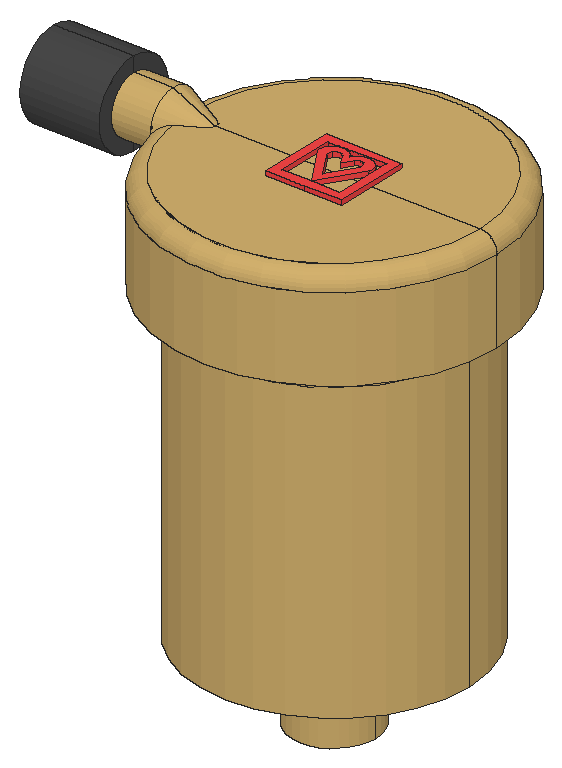
Revit family "Воздухоудалитель с функцией впуска и выпуска воздуха 2630 02", category Rohrzubehör, Revit 2018
Family settings
  Bemaßung runder Anschluss = Durchmesser verwenden
  Teiletyp = Normal
  OmniClass-Nummer = 23.65.55.14
  OmniClass-Titel = Valves for Liquid Services
  Arbeitsebenenbasiert = Nein
  Immer vertikal = Ja
  Beim Laden mit Abzugskörper schneiden = Nein
  Gemeinsam genutzt = Nein
Parameters
  Номер заказа [instance] = if(Nennweite AG = 10.000 mm, 1263002, 0)  # 1263002
  URL = "www.herz-armaturen.ru"
  Поплавок = "полипропилен"  # constant formula
  SCRNSEQ = "AWI;AWI_TYP=\"1013\";1"
  SCRNCODE = "05;14;01"  # constant formula
  S02 = 11.000 mm  # constant formula
  S01 = 24.500 mm  # constant formula
  R01 = 2.000 mm  # constant formula
  Nennweite AG [instance] = 10.000 mm  # constant formula
  Мин. рабочая температура = 0 °C  # constant formula
  Среда = "Качество  теплоносителя в соответствии с ÖNORM H5195 и/или предписаниями VDI-Standard 2035.\nРазрешается использование смеси этилен или пропиленгликоля в соотношении 25-50% с водой. Прокладки EPDM могут быть подвержены воздействию минеральных смазочных масел, что может служить причиной выхода из строя данных уплотнений. Пожалуйста, обратитесь к документации производителя, при использовании этиленгликоля и пропиленгликоля в целях защиты от замерзания."
  Макс. давление на корпусе = 1200000.0 Pa  # constant formula
  Макс. рабочая температура = 110 °C  # constant formula
  Макс. рабочее давление = 800000.0 Pa  # constant formula
  L04 = L00 - L01  # 24.000 mm
  L03 = 13.500 mm  # constant formula
  L02 = 4.800 mm  # constant formula
  L01 = 9.500 mm  # constant formula
  L00 = 33.500 mm  # constant formula
  Hersteller = "Herz-Armaturen GmbH"  # constant formula
  H05 = H00 - 1.000 mm  # 58.000 mm
  H04 = H03 - D03  # 57.900 mm
  H03 = 63.000 mm  # constant formula
  H02 = 9.500 mm  # constant formula
  H01 = 12.000 mm  # constant formula
  H00 = 59.000 mm  # constant formula
  Корпус = "штампованная латунь в соответствии с EN 12165, CW617N"  # constant formula
  G1 [instance] = Nennweite AG / 2  # 5.000 mm
  Уплотнение = "NBR"  # constant formula
  Крышка корпуса = "штампованная латунь в соответствии с EN 12165, CW617N"  # constant formula
  D05 = 0.800 mm  # constant formula
  D04 = 3.400 mm  # constant formula
  D03 = 5.100 mm  # constant formula
  D02 = 19.500 mm  # constant formula
  D01 = 16.200 mm  # constant formula
  Наружная резьба подключения = "в соответствии с ISO 228"  # constant formula
  Область применения = "Воздухоотводчик используется для удаления воздуха в системах отопления и холодоснабжения. Клапаны должны быть размещены рядом с котлом или же в самых высоких точках системы, чтобы обеспечить удаление воздуха из системы."
  Колпачок = "полипропилен, цвет черный"  # constant formula
Reference planes
  plane 1 "Mitte (Vorne/hinten)": y = 0
  plane 2: z = 0
  plane 3 "Mitte (Links/rechts)": x = 0
Forms (mm)
  Revolve 1, solid, material "Messing", detail levels fine
    sketch origin (0, 0, 0) x (1, 0, 0) y (0, 0, 1)
      loop
        line (0, 0) -> (0, 59) -> (-17.5, 59)
        arc (-17.5, 59) -> (-18.914, 58.414) -> (-19.5, 57) r 2
        line (-19.5, 57) -> (-19.5, 47) -> (-18.2, 47)
        arc (-18.2, 47) -> (-16.786, 46.414) -> (-16.2, 45) r 2
        line (-16.2, 45) -> (-16.2, 9.5) -> (-5, 9.5) -> (-5, 0) -> (0, 0)
      axis (0, 59) -> (0, 0)
    angle from 0 to 360
  Revolve 2, solid, material "Kunststoff schwarz", detail levels fine
    sketch origin (0, 0, 0) x (1, 0, 0) y (0, 0, 1)
      loop
        line (-33.5, 57.9) -> (-24, 57.9) -> (-24, 63) -> (-33.5, 63) -> (-33.5, 57.9)
      axis (-33.5, 57.9) -> (-24, 57.9)
    angle from 0 to 360
  Revolve 3, solid, material "Messing", detail levels fine
    sketch origin (0, 0, 0) x (1, 0, 0) y (0, 0, 1)
      loop
        line (-24, 57.9) -> (0, 57.9) -> (0, 58.7) -> (-13.5, 58.7) -> (-19.2, 61.3) -> (-24, 61.3) -> (-24, 57.9)
      axis (-24, 57.9) -> (0, 57.9)
    angle from 0 to 360
Lines and regions (mm)
  model lines, detail levels coarse+medium
    curve 1: line (0, 0, 59) -> (-11.455, 0, 47.545)
    curve 2: line (0, 0, 59) -> (11.455, 0, 47.545)
    curve 3: circle (0, 0, 34.5) r 11 normal (0, -1, 0)
    curve 4: line (0, 0, 10) -> (-11.455, 0, 21.455)
    curve 5: line (0, 0, 10) -> (11.455, 0, 21.455)
    curve 6: line (0, 0, 59) -> (0, 0, 45.5)
    curve 7: line (0, 0, 23.5) -> (0, 0, 0)
    curve 8: line (0, 0, 59) -> (0, -11.455, 47.545)
    curve 9: line (0, 0, 59) -> (0, 11.455, 47.545)
    curve 10: circle (0, 0, 34.5) r 11 normal (1, 0, 0)
    curve 11: line (0, 0, 10) -> (0, -11.455, 21.455)
    curve 12: line (0, 0, 10) -> (0, 11.455, 21.455)
    curve 13: line (0, 59, 0) -> (11.455, 47.545, 0)
    curve 14: line (0, 59, 0) -> (-11.455, 47.545, 0)
    curve 15: circle (0, 34.5, 0) r 11 normal (0, 0, 1)
    curve 16: line (0, 59, 0) -> (0, 45.5, 0)
    curve 17: line (0, 23.5, 0) -> (0, 0, 0)
    curve 18: line (0, 10, 0) -> (11.455, 21.455, 0)
    curve 19: line (0, 10, 0) -> (-11.455, 21.455, 0)
Dimensions and locks
  "G1": Revolve 1 sketch curve to Revolve 1 sketch curve
  "H00": Revolve 1 sketch curve to Revolve 1 sketch curve
  "D01": Revolve 1 sketch curve to Revolve 1 sketch curve
  "D02": Revolve 1 sketch curve to Revolve 1 sketch curve
  "H02": Revolve 1 sketch curve to Revolve 1 sketch curve
  "H01": Revolve 1 sketch curve to Revolve 1 sketch curve
  "D03": Revolve 2 sketch curve to Revolve 2 sketch curve
  "L01": Revolve 2 sketch curve to Revolve 2 sketch curve
  "L00": Revolve 2 sketch curve to plane 3 "Mitte (Links/rechts)"
  "D04": Revolve 3 sketch curve to Revolve 3 sketch curve
  "L02": Revolve 3 sketch curve to Revolve 3 sketch curve
  "L03": Revolve 3 sketch curve to plane 3 "Mitte (Links/rechts)"
  "L04": Revolve 3 sketch curve to plane 3 "Mitte (Links/rechts)"
  "D05": Revolve 3 sketch curve to Revolve 3 sketch curve
  "H03": Revolve 2 sketch curve to plane 2
  "H04": Revolve 3 sketch curve to plane 2
  "H05": nested 1 to plane 2
  "D01": curve 2 to curve 2
  "D01": curve 1 to curve 2
  "S01": curve 5 to curve 3 to curve 2
  "H00": curve 6 to plane 2
  "D01": curve 4 to curve 5
  "D01": curve 5 to curve 5
  "S01": curve 9 to curve 10
  "H00": curve 9 to plane 2
  "S01": curve 12 to curve 10
  "D01": curve 8 to curve 8
  "D01": curve 9 to curve 9
  "D01": curve 11 to curve 11
  "D01": curve 12 to curve 12
  "H00": curve 16 to curve 17
  "D01": curve 14 to curve 14
  "D01": curve 13 to curve 13
  "D01": curve 19 to curve 19
  "D01": curve 18 to curve 18
  "S01": curve 16 to curve 15 to curve 19
  "R01": radius of Revolve 1 sketch curve  (x2)
  "S02": radius of curve 3
  "S02": radius of curve 10
  "S02": radius of curve 15
  angle curve 1 to curve 6 = 45.00°
  angle curve 6 to curve 2 = 45.00°
  angle curve 5 to curve 7 = 45.00°
  angle curve 7 to curve 4 = 45.00°
  angle plane 1 "Mitte (Vorne/hinten)" to curve 9 = 45.00°
  angle curve 8 to plane 1 "Mitte (Vorne/hinten)" = 45.00°
  angle plane 1 "Mitte (Vorne/hinten)" to curve 11 = 45.00°
  angle curve 12 to plane 1 "Mitte (Vorne/hinten)" = 45.00°
  angle curve 16 to curve 13 = 45.00°
  angle curve 14 to curve 16 = 45.00°
  angle curve 16 to curve 19 = 45.00°
  angle curve 18 to curve 17 = 45.00°
  aligned and locked: level to plane 2
Automatic sketch dimensions
  curve 12 to plane 1 "Mitte (Vorne/hinten)" = 0.000 mm
  curve 10 to plane 1 "Mitte (Vorne/hinten)" = 0.000 mm
  curve 9 to plane 1 "Mitte (Vorne/hinten)" = 0.000 mm
  curve 2 to plane 3 "Mitte (Links/rechts)" = 0.000 mm
  curve 7 to plane 3 "Mitte (Links/rechts)" = 0.000 mm
  curve 3 to plane 3 "Mitte (Links/rechts)" = 0.000 mm
  curve 4 to plane 3 "Mitte (Links/rechts)" = 0.000 mm
  curve 14 to plane 3 "Mitte (Links/rechts)" = 0.000 mm
  curve 19 to plane 3 "Mitte (Links/rechts)" = 0.000 mm
  curve 15 to plane 3 "Mitte (Links/rechts)" = 0.000 mm
  curve 17 to plane 3 "Mitte (Links/rechts)" = 0.000 mm
  plane 1 "Mitte (Vorne/hinten)" to curve 17 = 0.000 mm
  Revolve 1 sketch curve to level = 0.000 mm
  Revolve 1 sketch curve to plane 3 "Mitte (Links/rechts)" = 0.000 mm  (x2)
  Revolve 1 sketch curve to level = 2000.000 mm
  Revolve 1 sketch curve to Revolve 1 sketch curve = 1937.000 mm
  Revolve 2 sketch curve to Revolve 2 sketch curve = 0.000 mm  (x3)
  Revolve 3 sketch curve to plane 3 "Mitte (Links/rechts)" = 0.000 mm
  Revolve 3 sketch curve to Revolve 3 sketch curve = 0.212 mm
  Revolve 3 sketch curve to plane 3 "Mitte (Links/rechts)" = 0.539 mm
  Revolve 3 sketch curve to Revolve 3 sketch curve = 0.000 mm
Nested families
  nested 1: "Herz-Logo" at (0, 0, 58), type "Herz-Logo", detail levels fine
Connectors
  piping at (0, 0, 0), diameter 10, driven by "Nennweite AG"
    settings: on Revolve 1, index 1, connector inside diameter 609.6 mm, connector length 0.000 mm, flow factor 0, pipe flow 0.0 L/s, pressure drop 0.0 Pa, fitting loss kfactor 0, connector angle 0.00°, fixture units 0, engagement length 0.000 mm, angle of deflection 0.00°, flow configuration 0, flow direction 1, fitting loss method 0, system type 29, joint type 0, gender type 0, connector reference index -1, connector utility 0, adjustable connector no, is connector primary yes, connector description ""
Definition of nested family "Herz-Logo"
  Reference planes
    plane 1 "Mitte (Vorne/hinten)": y = 0
    plane 2: z = 0
    plane 3 "Mitte (Links/rechts)": x = 0
  Forms (mm)
    Extrusion 1, solid
      sketch origin (0, 0, 0) x (1, 0, 0) y (0, 1, 0)
        loop
          line (-0.018, -4.517) -> (4.482, -4.517) -> (4.482, 4.483) -> (-4.518, 4.483) -> (-4.518, -4.517) -> (-0.018, -4.517)
        loop
          line (-0.05, -3.48) -> (3.482, -3.48) -> (3.482, 3.483) -> (-3.518, 3.483) -> (-3.518, -3.48) -> (-0.05, -3.48)
        loop
          arc (-0.018, 2.383) -> (-1.543, 3.287) -> (-3.067, 2.383) r 1.738
          arc (-3.067, 2.383) -> (-3.191, 1.899) -> (-3.067, 1.415) r 1.009
          line (-3.067, 1.415) -> (-0.018, -3.281) -> (3.032, 1.415)
          arc (3.032, 1.415) -> (3.156, 1.899) -> (3.032, 2.383) r 1.009
          arc (3.032, 2.383) -> (1.507, 3.287) -> (-0.018, 2.383) r 1.738
        loop
          arc (1.885, 1.272) -> (2.005, 1.675) -> (1.885, 2.079) r 0.74
          arc (1.885, 2.079) -> (1.265, 2.416) -> (0.644, 2.079) r 0.74
          line (0.644, 2.079) -> (-0.018, 0.97) -> (-0.679, 2.079)
          arc (-0.679, 2.079) -> (-1.3, 2.416) -> (-1.921, 2.079) r 0.74
          arc (-1.921, 2.079) -> (-2.04, 1.675) -> (-1.921, 1.272) r 0.74
          line (-1.921, 1.272) -> (-0.018, -1.658) -> (1.885, 1.272)
      from 0 to 1.5
  Dimensions and locks
    aligned and locked: level to plane 2
